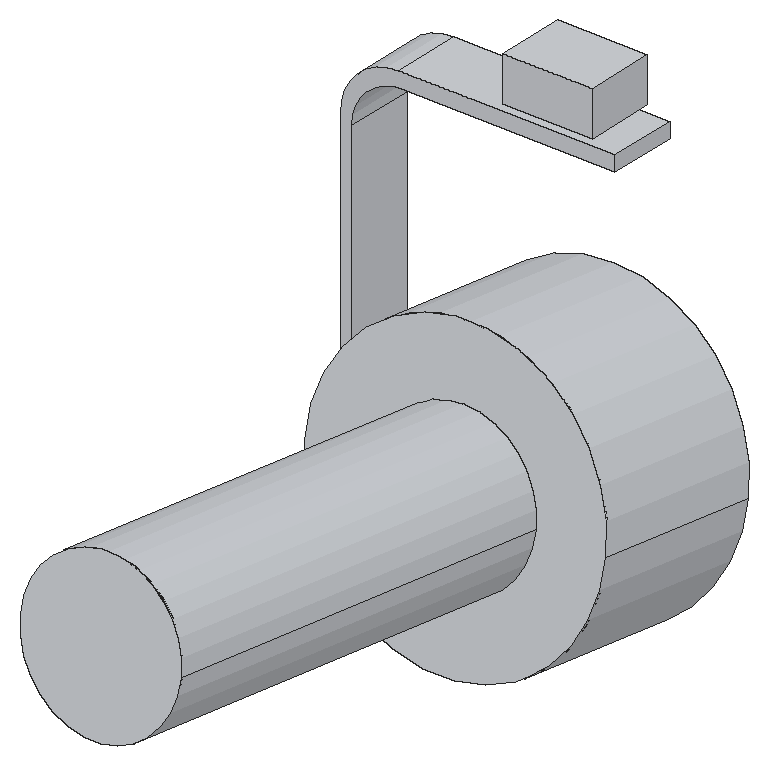
Revit family
Parameters
  Wattage = 12.1178 W
  built-in parameter 1150110 = 1 (stored number, unit not read)
  built-in parameter 1114217 = 1 (stored number, unit not read)
  built-in parameter 1150109 = 1 (stored number, unit not read)
  built-in parameter 1150134 = (empty or 0)
  built-in parameter 1150113 = 1 (stored number, unit not read)
  Lumens = 1800 lm
  built-in parameter 1150115 = 1 (stored number, unit not read)
  built-in parameter 1150105 = 143.24 (stored number, unit not read)
  Light Source Symbol Size = 2' - 0"
  built-in parameter 1150137 = (empty or 0)
  built-in parameter 1150139 = (empty or 0)
  built-in parameter 1150112 = 1 (stored number, unit not read)
  built-in parameter 1150114 = 1 (stored number, unit not read)
  built-in parameter 1150132 = 2
  built-in parameter 1150102 = (empty or 0)
  built-in parameter 1150138 = (empty or 0)
  built-in parameter 1150107 = 3000 (stored number, unit not read)
  built-in parameter 1150106 = 1.4324 (stored number, unit not read)
  built-in parameter 1150104 = 13.8 (stored number, unit not read)
  Dimming Lamp Color Temperature Shift = (empty or 0)
  Color Filter = 16777215
  built-in parameter 1114218 = 1 (stored number, unit not read)
  built-in parameter 1150133 = 10 (stored number, unit not read)
Reference planes (in)
  plane 1 "Light Source Axis (F/B)": y = 0
  plane 2: z = 0
  plane 3 "Light Source Axis (L/R)": x = 0
  plane 4 "Light Source Elevation": z = 54
  plane 5: x = -1.6875
  plane 6: z = 52.3125
  plane 7: z = 58.3125
Forms (in)
  Extrusion 1, solid
    sketch origin (0, -7.5245, 0.39457) x (1, 0, 0) y (0, 0.139173, 0.990268)
      loop
        circle (0, 54) r 1.6875
    from 0 to 2
  Extrusion 2, void
    sketch origin (0, -7.5245, 0.39457) x (1, 0, 0) y (0, 0.139173, 0.990268)
      loop
        circle (0, 54) r 1.5
    from 0 to 1.75
  Extrusion 3, solid
    sketch origin (0, -14.45638, 1.36878) x (0, -0.139173, -0.990268) y (-1, 0, 0)
      loop
        circle (-54, 0) r 0.90046
    from 0 to 5
  Extrusion 4, solid
    sketch origin (0, -2, 0) x (0, 0, -1) y (-1, 0, 0)
      loop
        line (-58.3125, -1) -> (-57.8125, -1) -> (-57.8125, 0) -> (-58.3125, 0) -> (-58.3125, -1)
    from 0.67634 to 1.4417
  Extrusion 5, solid
    sketch origin (0, -2, 0) x (0, 0, -1) y (-1, 0, 0)
      loop
        line (-54, 1.6875) -> (-54, 1.81401) -> (-57.07865, 1.81401)
        arc (-57.07865, 1.81401) -> (-57.54181, 1.62216) -> (-57.73366, 1.15901) r 0.655
        line (-57.73366, 1.15901) -> (-57.73366, -1.25) -> (-57.5625, -1.25) -> (-57.5625, 1.125)
        arc (-57.5625, 1.125) -> (-57.39775, 1.52275) -> (-57, 1.6875) r 0.5625
        line (-57, 1.6875) -> (-54, 1.6875)
    from 0.67634 to 1.4417
Cuts and joins
  Extrusion 2 cuts Extrusion 1
Dimensions and locks (in)
  aligned and locked: plane 3 "Light Source Axis (L/R)" to imposter light
  aligned and locked: plane 1 "Light Source Axis (F/B)" to imposter light
  aligned and locked: plane 4 "Light Source Elevation" to imposter light
